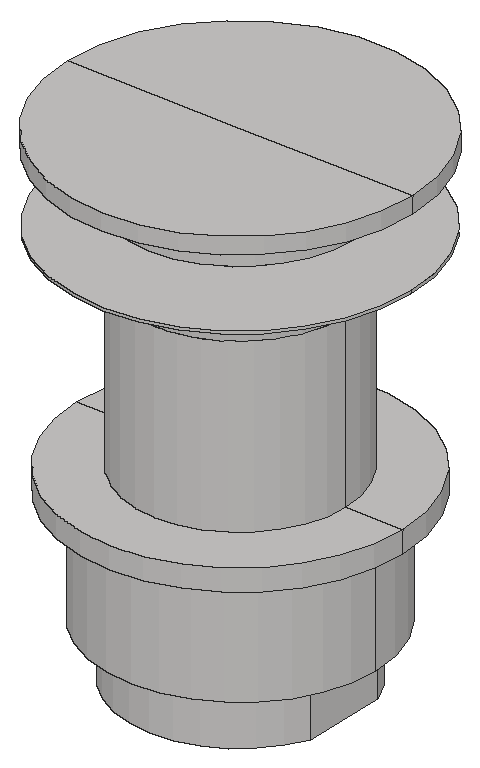
Revit family "A63", category Generic Models, Revit 2021
Family settings
  Can host rebar = No
  Round Connector Dimension = Use Diameter
  Part Type = Normal
  Work Plane-Based = No
  Always vertical = Yes
  Cut with Voids When Loaded = No
  Shared = No
  Room Calculation Point = No
Parameters (values of type "Standard")
  e-mail = "info@vola.com"
  URL = "http://vola.com"
  Telephone = "+45 7023 5500"
  Quality management standard = "ISO 9001"
  Organisation no. / DUNS no. = "17531328"
  Occupational health and safety management standard = "ISO 18001"
  Mounting Instructions = "http://vola.com/service/producturl.ashx?name=A63"
  Model = "A63"
  Materials and components information = "http://vola.com/service/producturl.ashx?name=A63"
  Manufacturer = "VOLA A/S"
  Maintenance Instructions = "http://vola.com/service/producturl.ashx?name=A63"
  Guarantee = "2 years"
  Environmental management standard = "ISO 14000"
  Default Elevation = 0.0000 mm
  Connection - All relevant connections = ""
  Approvals = "http://vola.com/service/producturl.ashx?name=A63"
Reference planes
  plane 1 "Center (Front/Back)": y = 0
  plane 2: z = 0
  plane 3 "Center (Left/Right)": x = 0
Forms (mm)
  Extrusion 1, void
    sketch origin (-6.725, 0, -51.5) x (-1, 0, 0) y (0, 0, -1)
      loop
        line (20, -61.5) -> (20, -51.5) -> (12.5, -51.5) -> (12.5, -61.5) -> (20, -61.5)
    from -20.403 to 20.581
  Extrusion 2, void
    sketch origin (6.725, 0, -51.5) x (1, 0, 0) y (0, 0, 1)
      loop
        line (20, 61.5) -> (12.5, 61.5) -> (12.5, 51.5) -> (20, 51.5) -> (20, 61.5)
    from -20.403 to 20.581
  Revolve 3, solid, material "Stainless Steel"
    sketch origin (949.034, 0, -870.417) x (1, 0, 0) y (0, 0, 1)
      loop
        line (-949.034, 870.417) -> (-949.034, 961.014) -> (-980.784, 961.014) -> (-980.784, 958.014) -> (-963.034, 958.014) -> (-963.034, 956.514) -> (-969.959, 956.514) -> (-969.959, 950.014) -> (-961.534, 950.014) -> (-961.534, 944.774) -> (-980.534, 944.774) -> (-971.824, 941.604)
        arc (-971.824, 941.604) -> (-969.438, 939.774) -> (-968.534, 936.906) r 5
        line (-968.534, 936.906) -> (-968.534, 905.417) -> (-979.034, 905.417) -> (-979.034, 901.417) -> (-974.034, 901.417) -> (-974.034, 880.417) -> (-969.734, 880.417) -> (-969.734, 870.417) -> (-949.034, 870.417)
      axis (-949.034, 870.417) -> (-949.034, 961.014)
    angle from 0 to 360
  Extrusion 4, solid, material "Stainless Steel"
    sketch origin (0, 0, 74.358) x (0, 1, 0) y (-1, 0, 0)
      loop
        circle (0, 0) r 31.5
    from 0 to 0.5
Cuts and joins
  Extrusion 1, Extrusion 2 cuts Revolve 3
  joined: Revolve 3, Extrusion 4
Dimensions and locks
  aligned and locked: plane 2 to level
